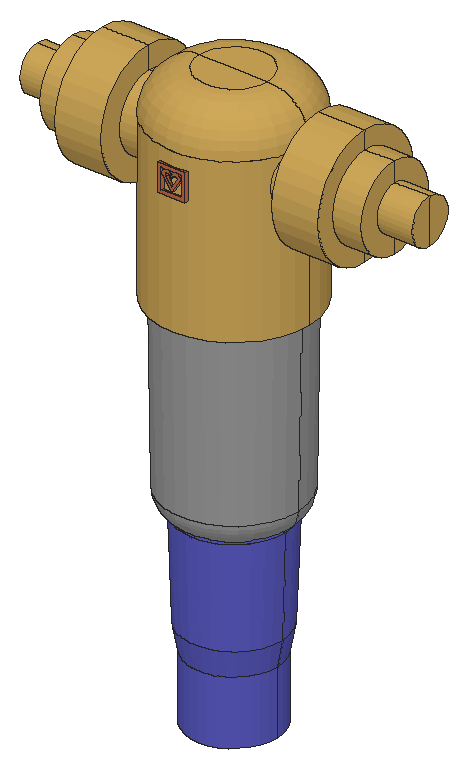
Revit family "Filter für Kaltwasser 0553", category Rohrzubehör, Revit 2021
Family settings
  Bemaßung runder Anschluss = Durchmesser verwenden
  Teiletyp = Unterbricht
  OmniClass-Nummer = 23.65.55.14
  OmniClass-Titel = Valves for Liquid Services
  Arbeitsebenenbasiert = Nein
  Immer vertikal = Ja
  Beim Laden mit Abzugskörper schneiden = Nein
  Gemeinsam genutzt = Nein
Parameters
  W02 = 88.00°  # constant formula
  W01 = 89.00°  # constant formula
  Vorgabe-Ansicht = 0.000 mm
  VRS01 = 10.000 mm  # constant formula
  SC_NennweiteBerechnet = 0
  SC_Dimension = ""
  SCTWSEQ = "FI;SBT_TYP_FI=\"FI\";2"
  SCTWCODE = "02;00;02"  # constant formula
  S01 [instance] = (L02 + VRL01 + VRL02) - (L01 / 2)  # 24.750 mm
  Model = "Filter für kaltes Wasser mit glasfaserverstärktem Kunststoffbecher."
  Medium = "Trinkwasser"  # constant formula
  Max. Betriebstemperatur = 30 °C  # constant formula
  Max. Betriebsdruck = 1600000.0 Pa  # constant formula
  Tasse = "transparenter, glasfaserverstärkter Kunststoff"  # constant formula
  Hinweis = "Gemäß Art 33 der REACH-Verordnung (EG Nr. 1907/2006) sind wir verpflichtet, darauf hinzuweisen, dass der Stoff Blei auf der SVHC-Liste geführt wird und dass alle aus Messing bestehenden Bauteile, die in unseren Erzeugnissen verarbeitet sind, mehr als 0,1 % (w/w) Blei (CAS: 7439-92-1 / EINECS: 231-100-4) enthalten.\r\nDa Blei als Legierungsbestandteil fest gebunden ist, sind keine Expositionen zu erwarten und daher sind keine zusätzlichen Angaben zur sicheren Verwendung notwendig."
  Gehäuse = "Messing, CW617N"  # constant formula
  GT [instance] = size_lookup("0553_", "GT", 1.000 mm, Nennweite)  # 11.900 mm
  VRL02 [instance] = size_lookup("0553_", "VRL2", 1.000 mm, Nennweite)  # 21.750 mm
  VRL01 [instance] = size_lookup("0553_", "VRL1", 1.000 mm, Nennweite)  # 15.500 mm
  VRD02 [instance] = size_lookup("0553_", "VRD2", 1.000 mm, Nennweite)  # 14.000 mm
  VRD01 [instance] = size_lookup("0553_", "VRD1", 1.000 mm, Nennweite)  # 20.000 mm
  URL = "www.herz-armaturen.at"
  T01 = 1.000 mm  # constant formula
  R02 = 8.000 mm  # constant formula
  R01 = 12.500 mm  # constant formula
  Nennweite [instance] = 15.000 mm
  Filter = "Edelstahl, Maschenweite 100 μm"  # constant formula
  D02 = 22.750 mm  # constant formula
  L02 [instance] = size_lookup("0553_", "L2", 1.000 mm, Nennweite)  # 28.750 mm
  L01 [instance] = size_lookup("0553_", "L1", 1.000 mm, Nennweite)  # 82.500 mm
  Hersteller = "HERZ Armaturen Ges.m.b.H."  # constant formula
  H04 = 174.000 mm  # constant formula
  H03 = 65.500 mm  # constant formula
  H02 = 45.500 mm  # constant formula
  H01 = 23.000 mm  # constant formula
  Bestellnummer [instance] = if(Nennweite = 15.000 mm, "I055301", if(Nennweite = 20.000 mm, "I055302", if(Nennweite = 25.000 mm, "I055303", "0")))  # "I055301"
  Ausführung = "Der Herz-Wasserfilter wird in Hauseingangsanlagen für Trinkwasser eingesetzt, um das Trinkwasser vor Verunreinigungen zu schützen."
  AG [instance] = Nennweite / 2  # 7.500 mm
  D01 = 25.500 mm  # constant formula
Reference planes
  plane 1 "Mitte (Vorne/hinten)": y = 0
  plane 2: z = 0
  plane 3 "Mitte (Links/rechts)": x = 0
Forms (mm)
  Revolve 1, solid, material "Messing, weicher Gelbton, geschweißt", detail levels fine
    sketch origin (0, 0, 0) x (1, 0, 0) y (0, 0, 1)
      loop
        line (-41.25, 0) -> (41.25, 0) -> (41.25, 12.5) -> (-41.25, 12.5) -> (-41.25, 0)
      axis (-41.25, 0) -> (41.25, 0)
    angle from 0 to 360
  Revolve 2, solid, material "Messing, weicher Gelbton, geschweißt", detail levels fine
    sketch origin (0, 0, 0) x (1, 0, 0) y (0, 0, 1)
      loop
        line (-28.75, 0) -> (-28.75, 20) -> (-44.25, 20) -> (-44.25, 14) -> (-54.1, 14) -> (-54.1, 7.5) -> (-66, 7.5) -> (-66, 0) -> (-28.75, 0)
      axis (-66, 0) -> (-28.75, 0)
    angle from 0 to 360
  Revolve 3, solid, material "Messing, weicher Gelbton, geschweißt", detail levels fine
    sketch origin (0, 0, 0) x (-1, 0, 0) y (0, 0, 1)
      loop
        line (-28.75, 0) -> (-28.75, 20) -> (-44.25, 20) -> (-44.25, 14) -> (-54.1, 14) -> (-54.1, 7.5) -> (-66, 7.5) -> (-66, 0) -> (-28.75, 0)
      axis (-66, 0) -> (-28.75, 0)
    angle from 0 to 360
  Revolve 4, solid, material "Messing, weicher Gelbton, geschweißt", detail levels fine
    sketch origin (0, 0, 0) x (1, 0, 0) y (0, 0, 1)
      loop
        line (0, -45.5) -> (0, 23) -> (-11.5, 23)
        arc (-11.5, 23) -> (-21.399, 18.899) -> (-25.5, 9) r 14
        line (-25.5, 9) -> (-25.5, -45.5) -> (0, -45.5)
      axis (0, 23) -> (0, -45.5)
    angle from 0 to 360
  Revolve 5, solid, material "ABS-Kunststoff", detail levels fine
    sketch origin (0, 0, 0) x (1, 0, 0) y (0, 0, 1)
      loop
        line (0, -45.5) -> (-22.75, -45.5) -> (-21.744, -103.156)
        arc (-21.744, -103.156) -> (-19.53, -108.542) -> (-14.25, -111) r 8
        line (-14.25, -111) -> (0, -111) -> (0, -45.5)
      axis (0, -45.5) -> (0, -111)
    angle from 0 to 360
  Revolve 6, solid, material "Herz-Marineblau", detail levels fine
    sketch origin (0, 0, 0) x (1, 0, 0) y (0, 0, 1)
      loop
        line (-14.75, -174) -> (0, -174) -> (0, -110.996) -> (-17.5, -110.996) -> (-16.347, -144) -> (-14.75, -152.5) -> (-14.75, -174)
      axis (0, -110.996) -> (0, -174)
    angle from 0 to 360
Lines and regions (mm)
  model lines, detail levels coarse+medium
    curve 1: line (-41.25, 0, 23) -> (-41.25, 0, -23)
    curve 2: line (-41.25, 0, -23) -> (41.25, 0, -23)
    curve 3: line (41.25, 0, -23) -> (41.25, 0, 23)
    curve 4: line (41.25, 0, 23) -> (-41.25, 0, 23)
    curve 5: line (41.25, 0, 23) -> (12.5, 0, 0)
    curve 6: line (12.5, 0, 0) -> (41.25, 0, -23)
    curve 7: line (41.25, 0, 23) -> (51.25, 0, 23)
    curve 8: line (51.25, 0, 23) -> (41.25, 0, 0)
    curve 9: line (41.25, 0, -23) -> (51.25, 0, -23)
    curve 10: line (51.25, 0, -23) -> (41.25, 0, 0)
    curve 11: line (41.25, 0, 0) -> (66, 0, 0)
    curve 12: line (-41.25, 0, 23) -> (-51.25, 0, 23)
    curve 13: line (-51.25, 0, 23) -> (-41.25, 0, 0)
    curve 14: line (-41.25, 0, -23) -> (-51.25, 0, -23)
    curve 15: line (-51.25, 0, -23) -> (-41.25, 0, 0)
    curve 16: line (-41.25, 0, 0) -> (-66, 0, 0)
    curve 17: line (-41.25, -23, 0) -> (41.25, -23, 0)
    curve 18: line (-41.25, 23, 0) -> (-41.25, -23, 0)
    curve 19: line (41.25, 23, 0) -> (-41.25, 23, 0)
    curve 20: line (41.25, -23, 0) -> (41.25, 23, 0)
    curve 21: line (41.25, 23, 0) -> (8.232, 0, 0)
    curve 22: line (8.232, 0, 0) -> (41.25, -23, 0)
    curve 23: line (41.25, 23, 0) -> (51.25, 23, 0)
    curve 24: line (51.25, 23, 0) -> (41.25, 0, 0)
    curve 25: line (41.25, -23, 0) -> (51.25, -23, 0)
    curve 26: line (51.25, -23, 0) -> (41.25, 0, 0)
    curve 27: line (-41.25, 23, 0) -> (-51.25, 23, 0)
    curve 28: line (-51.25, 23, 0) -> (-41.25, 0, 0)
    curve 29: line (-41.25, -23, 0) -> (-51.25, -23, 0)
    curve 30: line (-51.25, -23, 0) -> (-41.25, 0, 0)
Dimensions and locks
  "L01": Revolve 1 sketch curve to Revolve 1 sketch curve
  equal spacing: Revolve 1 sketch curve, plane 3 "Mitte (Links/rechts)", Revolve 1 sketch curve
  "R01": Revolve 1 sketch curve to plane 2
  "L02": plane 3 "Mitte (Links/rechts)" to Revolve 2 sketch curve
  "VRL01": Revolve 2 sketch curve to Revolve 2 sketch curve
  "VRL02": Revolve 2 sketch curve to Revolve 2 sketch curve
  "GT": Revolve 2 sketch curve to Revolve 2 sketch curve
  "VRD01": Revolve 2 sketch curve to Revolve 2 sketch curve
  "VRD02": Revolve 2 sketch curve to Revolve 2 sketch curve
  "AG": Revolve 2 sketch curve to Revolve 2 sketch curve
  "VRL01": Revolve 3 sketch curve to Revolve 3 sketch curve
  "VRL02": Revolve 3 sketch curve to Revolve 3 sketch curve
  "GT": Revolve 3 sketch curve to Revolve 3 sketch curve
  "VRD01": Revolve 3 sketch curve to Revolve 3 sketch curve
  "VRD02": Revolve 3 sketch curve to Revolve 3 sketch curve
  "AG": Revolve 3 sketch curve to Revolve 3 sketch curve
  "L02": Revolve 3 sketch curve to plane 3 "Mitte (Links/rechts)"
  "H01": Revolve 4 sketch curve to plane 2
  "D01": Revolve 4 sketch curve to Revolve 4 sketch curve
  "H02": plane 2 to Revolve 4 sketch curve
  "D02": Revolve 5 sketch curve to Revolve 5 sketch curve
  "H02": plane 2 to Revolve 5 sketch curve
  "H03": Revolve 5 sketch curve to Revolve 5 sketch curve
  "H04": plane 2 to Revolve 6 sketch curve
  "D01": nested 1 to plane 1 "Mitte (Vorne/hinten)"
  equal spacing: curve 1, plane 3 "Mitte (Links/rechts)", curve 3
  "H01": curve 4 to level to curve 2
  "L01": curve 1 to curve 3
  "L02": curve 3 to curve 6
  "VRS01": curve 8 to curve 3
  "VRS01": curve 10 to curve 3
  "S01": curve 11 to curve 3
  "VRS01": curve 13 to curve 1
  "VRS01": curve 15 to curve 1
  "S01": curve 16 to Revolve 1
  "L01": curve 18 to curve 20
  equal spacing: curve 18, plane 3 "Mitte (Links/rechts)", curve 20
  "H01": curve 19 to plane 1 "Mitte (Vorne/hinten)" to curve 17
  "VRS01": curve 20 to curve 24
  "VRS01": curve 20 to curve 26
  "VRS01": curve 28 to curve 18
  "VRS01": curve 30 to curve 18
  "R02": radius of Revolve 5 sketch curve
  "W01": angle Revolve 5 sketch curve to Revolve 4
  "W02": angle Revolve 6 sketch curve to Revolve 6 sketch curve
  aligned and locked: level to plane 2
Automatic sketch dimensions
  curve 15 to level = 0.000 mm
  curve 11 to level = 0.000 mm
  curve 8 to level = 0.000 mm
  curve 5 to level = 0.000 mm
  plane 1 "Mitte (Vorne/hinten)" to curve 22 = 0.000 mm
  plane 1 "Mitte (Vorne/hinten)" to curve 28 = 0.000 mm
  plane 1 "Mitte (Vorne/hinten)" to curve 24 = 0.000 mm
  plane 1 "Mitte (Vorne/hinten)" to curve 26 = 0.000 mm
  plane 3 "Mitte (Links/rechts)" to curve 22 = 8.232 mm
  Revolve 1 sketch curve to level = 0.000 mm  (x2)
  Revolve 1 sketch curve to Revolve 1 sketch curve = 1474.830 mm
  Revolve 1 sketch curve to Revolve 1 sketch curve = 1807.448 mm
  Revolve 2 sketch curve to level = 0.000 mm  (x2)
  Revolve 2 sketch curve to Revolve 2 sketch curve = 1440.530 mm
  plane 3 "Mitte (Links/rechts)" to Revolve 2 sketch curve = 1839.148 mm
  Revolve 3 sketch curve to level = 0.000 mm  (x2)
  Revolve 3 sketch curve to Revolve 3 sketch curve = 1440.530 mm
  plane 3 "Mitte (Links/rechts)" to Revolve 3 sketch curve = 1839.148 mm
  Revolve 4 sketch curve to plane 3 "Mitte (Links/rechts)" = 0.000 mm  (x2)
  level to Revolve 4 sketch curve = 9.000 mm
  Revolve 4 sketch curve to Revolve 4 sketch curve = 320.545 mm
  Revolve 4 sketch curve to Revolve 4 sketch curve = 2190.315 mm
  Revolve 5 sketch curve to plane 3 "Mitte (Links/rechts)" = 0.000 mm  (x2)
  Revolve 5 sketch curve to plane 3 "Mitte (Links/rechts)" = 21.744 mm
  Revolve 5 sketch curve to Revolve 5 sketch curve = 7.494 mm
  Revolve 5 sketch curve to Revolve 5 sketch curve = 255.045 mm
  level to Revolve 5 sketch curve = 2214.315 mm
  Revolve 6 sketch curve to plane 3 "Mitte (Links/rechts)" = 0.000 mm  (x2)
  Revolve 6 sketch curve to plane 3 "Mitte (Links/rechts)" = 14.750 mm
  Revolve 6 sketch curve to Revolve 6 sketch curve = 1.597 mm
  Revolve 6 sketch curve to plane 3 "Mitte (Links/rechts)" = 17.500 mm
  Revolve 6 sketch curve to Revolve 6 sketch curve = 21.500 mm
  Revolve 6 sketch curve to Revolve 6 sketch curve = 8.500 mm
  Revolve 6 sketch curve to Revolve 6 sketch curve = 192.045 mm
  level to Revolve 6 sketch curve = 2214.315 mm
Nested families
  nested 1: "Herz-Logo-vorne" at (0, -25.5, 0) x (0, 1, 0) z (0, 0, 1), type "Herz-Logo-vorne", detail levels fine
Connectors
  piping at (-66, 0, 0), diameter 15, driven by "Nennweite"
    settings: on Revolve 2, index 1, connector inside diameter 609.6 mm, connector length 0.000 mm, flow factor 0, pipe flow 0.0 L/s, pressure drop 0.0 Pa, fitting loss kfactor 0, connector angle 0.00°, fixture units 0, engagement length 0.000 mm, angle of deflection 0.00°, flow configuration 0, flow direction 1, fitting loss method 0, system type 20, joint type 0, gender type 0, connector reference index -1, connector utility 0, adjustable connector no, is connector primary yes, connector description ""
  piping at (66, 0, 0), diameter 15, driven by "Nennweite"
    settings: on Revolve 3, index 2, connector inside diameter 609.6 mm, connector length 0.000 mm, flow factor 0, pipe flow 0.0 L/s, pressure drop 0.0 Pa, fitting loss kfactor 0, connector angle 0.00°, fixture units 0, engagement length 0.000 mm, angle of deflection 0.00°, flow configuration 0, flow direction 2, fitting loss method 0, system type 20, joint type 0, gender type 0, connector reference index -1, connector utility 0, adjustable connector no, is connector primary no, connector description ""
Definition of nested family "Herz-Logo-vorne"
  Parameters (values of type "Herz-Logo-vorne")
    Default Elevation = 0.000 mm
  Reference planes
    plane 1 "Mitte (Vorne/hinten)": y = 0
    plane 2: z = 0
    plane 3 "Mitte (Links/rechts)": x = 0
  Forms (mm)
    Extrusion 1, solid
      sketch origin (0.732, -0.018, 0.017) x (0, -1, 0) y (0, 0, 1)
        loop
          line (-0.018, -4.517) -> (4.482, -4.517) -> (4.482, 4.483) -> (-4.518, 4.483) -> (-4.518, -4.517) -> (-0.018, -4.517)
        loop
          line (-0.05, -3.48) -> (3.482, -3.48) -> (3.482, 3.483) -> (-3.518, 3.483) -> (-3.518, -3.48) -> (-0.05, -3.48)
        loop
          arc (-0.018, 2.383) -> (-1.543, 3.287) -> (-3.067, 2.383) r 1.738
          arc (-3.067, 2.383) -> (-3.191, 1.899) -> (-3.067, 1.415) r 1.009
          line (-3.067, 1.415) -> (-0.018, -3.281) -> (3.032, 1.415)
          arc (3.032, 1.415) -> (3.156, 1.899) -> (3.032, 2.383) r 1.009
          arc (3.032, 2.383) -> (1.507, 3.287) -> (-0.018, 2.383) r 1.738
        loop
          arc (1.885, 1.272) -> (2.005, 1.675) -> (1.885, 2.079) r 0.74
          arc (1.885, 2.079) -> (1.265, 2.416) -> (0.644, 2.079) r 0.74
          line (0.644, 2.079) -> (-0.018, 0.97) -> (-0.679, 2.079)
          arc (-0.679, 2.079) -> (-1.3, 2.416) -> (-1.921, 2.079) r 0.74
          arc (-1.921, 2.079) -> (-2.04, 1.675) -> (-1.921, 1.272) r 0.74
          line (-1.921, 1.272) -> (-0.018, -1.658) -> (1.885, 1.272)
      from 0 to 1.5
  Dimensions and locks
    aligned and locked: level to plane 2
